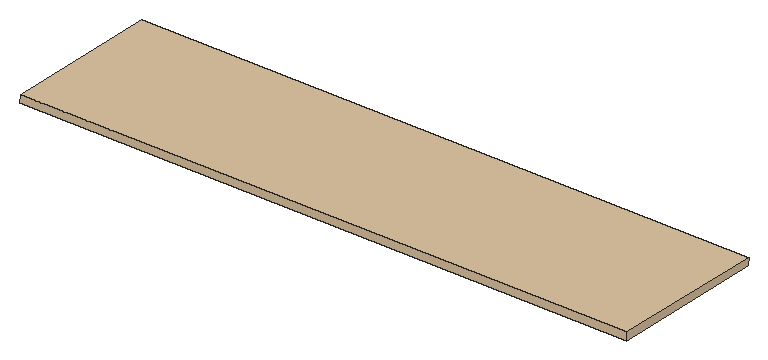
Revit family "Shelf-Custom_Rakks", category Specialty Equipment, Revit 2026
Family settings
  Round Connector Dimension = Use Diameter
  Part Type = Normal
  Classification Number = 23.40.50.31.11.14
  Work Plane-Based = No
  Enable Cutting in Views = No
  Always vertical = Yes
  Cut with Voids When Loaded = No
  Maintain Annotation Orientation = No
  Shared = Yes
  Room Calculation Point = No
Parameters
  Warranty Duration (Years) = 0
  Unit Width [instance] = 4' - 0"
  Unit Height = 0' - 0 75/128"
  Unit Depth = 1' - 0"
  URL = "http://www.rakks.com/"
  Test Data = "http://www.rakks.com/pdfs/Rangine_Corporation_Leed_Statement.pdf"
  Specification = "http://www.arcat.com/sdspecs/htm/10670rak.htm"
  Send Message = "http://www.arcat.com/users.pl?action=UserEmail&company=Rangine%20Corp.%20-%20Rakks&coid=35076&rep=116&fax=781-455-8702&mf="
  Sales Information = "http://store.rakks.com/"
  Revision = "R1_03-2010"
  Product Properties = "http://www.arcat.com/bim/bim_info.pl?fn=Shelving_Rakks"
  Product Data = "http://www.arcat.com/arcatcos/cos35/arc35076.html"
  Model = ""
  Material = Wood - Veneer
  Manufacturer Website = "http://www.rakks.com/"
  Manufacturer Phone - Toll Free = "800-826-6006"
  Manufacturer Phone = "781-455-8700"
  Manufacturer Fax = "781-455-8702"
  Manufacturer Address = "330 Reservoir St., Needham, MA 02494"
  Manufacturer = "Rangine Corp. - Rakks"
  Maintenance Schedule (Months) = 0
  Keynote = "10 56 00"
  Installation-Fabrication = "http://www.rakks.com/literature/install.html"
  Installation Phase = ""
  Green Building-LEED = "http://www.arcat.com/green/clients/leed_data_35076.html"
  Expected Lifespan (Years) = 0
  Drawn By = "Robert S. Weygant, CSI, CDT, SCIP"
  Description = ""
  Default Elevation = 0' - 0"
  Copyright = "2010, ARCAT, Inc"
  Construction Details = "http://www.arcat.com/details/rangine/rangine.html?coid=35076"
  Capacity (Weight) = 0.00 lbf
  Building Codes = ""
  Assembly Code = "E1010500"
Reference planes (in)
  plane 1 "Back": y = 0
  plane 2: z = 0
  plane 3 "Center (Left/Right)": x = 14.80783
  plane 4: y = -12
  plane 5: x = -9.19217
  plane 6: x = 38.80783
  plane 7: z = -0.58594
Forms (in)
  Extrusion 1, solid, material "Wood - Veneer" <- "Material"
    sketch origin (14.80783, 0, 0) x (0, 1, 0) y (0, 0, 1)
      loop
        line (0, 0) -> (-12, 0) -> (-12, -0.58594) -> (0, -0.58594) -> (0, 0)
    from -24 to 24
Dimensions and locks (in)
  "Unit Depth": plane 4 to plane 1 "Back"
  equal spacing: plane 5, plane 3 "Center (Left/Right)", plane 6
  "Unit Width": plane 5 to plane 6
  "Unit Height": plane 7 to plane 2
  aligned and locked: Extrusion 1 to plane 5
  aligned and locked: plane 6 to Extrusion 1
Automatic sketch dimensions
  Extrusion 1 sketch curve to level = 0' - 0"
  Extrusion 1 sketch curve to plane 4 = 0' - 0"
  Extrusion 1 sketch curve to plane 1 "Back" = 0' - 0"
  Extrusion 1 sketch curve to plane 7 = 0' - 0"
